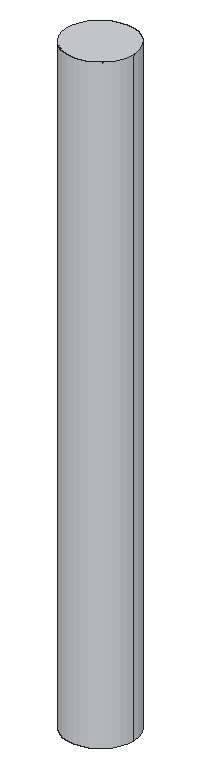
Revit family "M_Post - Round", category 난간동자, Revit 2026
Family settings
  항상 수직 = 예
  로드될 때 보이드를 사용하여 절단 = 아니오
  공유 = 아니오
Parameters (values of type "100mm")
  built-in parameter 1008623 [instance] = (empty or 0)
  built-in parameter 1008625 [instance] = (empty or 0)
  Radius = Width / 2  # 50 mm
  Post Material = none
  Width = 100 mm
  Post = yes
  built-in parameter 1008624 [instance] = (empty or 0)
  built-in parameter 1008622 [instance] = 915 mm
Types (5, lengths in mm): name | Radius | Width
  (no name) | 50 | 100
  30mm | 15 | 30
  60mm | 30 | 60
  100mm | 50 | 100
  150mm | 75 | 150
Reference planes
  plane 1 "Center (Front/Back)": y = 0
  plane 2: z = 0
  plane 3 "Center (Left/Right)": x = 0
  plane 4 "Top": z = 915
Forms (mm)
  Extrusion 1, solid, material <- "Post Material"
    sketch origin (0, 0, 0) x (1, 0, 0) y (0, 1, 0)
      loop
        circle (0, 0) r 50
    from 0 to 915
Dimensions and locks
  "built-in parameter 1008622": plane 2 to plane 4 "Top"
  "Radius": radius of Extrusion 1 sketch curve
  aligned and locked: Extrusion 1 to level
  aligned and locked: Extrusion 1 to plane 4 "Top"
Automatic sketch dimensions
  Extrusion 1 sketch curve to plane 1 "Center (Front/Back)" = 0 mm
  Extrusion 1 sketch curve to plane 3 "Center (Left/Right)" = 0 mm
